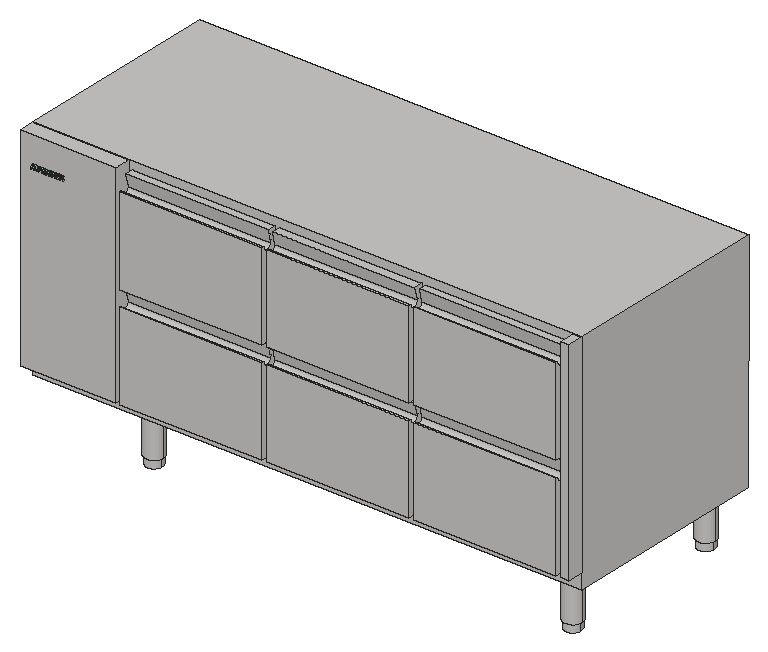
Revit family "QF_ALPENINOX_721070_AK3R7BBB", category Attrezzature speciali, Revit 2018
Family settings
  Quota connettore circolare = Usa diametro
  Tipo di parte = Normale
  Basato su piano di lavoro = No
  Sempre verticale = Sì
  Taglio con vuoti quando caricato = No
  Condiviso = No
  Punto di calcolo locali = No
Parameters (values of type "Standard")
  Weight = 116.00 kg
  Watts = 220 W
  Volts = 220 V
  URL Manufacturer = "http://www.alpeninox.com"
  URL = "http://www.alpeninox.com"
  Steam Supply Size = 0 mm
  Steam Supply Minimum Pressure = 0.0 Pa
  Steam Supply Maximum Pressure = 0.0 Pa
  Steam Consumption per Hour = 0
  Refrigeration Suction Line Size = 0 mm
  Refrigeration Liquid Line Size = 0 mm
  Refrigerant Compressor Remote = yes
  Produttore = "Alpeninox"
  Phase = 1
  Modello = "AK3R7BBB"
  Length Actual = 1695 mm  # constant formula
  Item Number = "721070"
  Hot Water Size = 0 mm
  Height Actual = 850 mm  # constant formula
  HP = "0.3 HP"
  Gas Size = 0 mm
  Gas KW = 0
  Gas Input Pressure = 0 W
  Direct Waste Size = 0 mm
  Descrizione = "6X1/2-DRAWER REFRIGERATED COUNTER, -2+10°C, FULL AISI 304 (R290), WITHOUT WORK TOP"
  Depth Actual = 700 mm  # constant formula
  Cycle = 50 Hz
  Condensate Return Size = 0 mm
  Compressed Air Volume = 0.0 L/s
  Compressed Air Size = 0 mm
  Compressed Air Pressure = 0.0 Pa
  Cold Water Size = 0 mm
  Accessory = yes
Values of the unnamed type that differ from the named types
  Weight = 0.00 kg
  Watts = 0 W
  Volts = 0 V
  URL Manufacturer = ""
  Item Number = ""
  HP = ""
  Cycle = 0 Hz
Reference planes
  plane 1: z = 0
  plane 2 "Center (Left/Right)": x = -126.5
  plane 3 "Center (Front/Back)": y = 64.5
  plane 4 "FEET": z = 150
  plane 5 "TOP": z = 900
  plane 6 "PLAIN": z = 850
  plane 7 "EI_back": y = 103
  plane 8 "EI_left": x = -913
  plane 9 "BACK": y = 412
  plane 10 "FRONT": y = -283
  plane 11 "DOOR": y = -233
  plane 12 "LEFT": x = -974
  plane 13 "RIGHT": x = 721
  plane 14: x = -949
  plane 15: x = 696
Forms (mm)
  Extrusion 1, solid, material "QF_Finishes_Stainless Steel"
    sketch origin (-1022.223, -1524, 150) x (-1, 0, 0) y (0, -1, 0)
      loop
        circle (-109.223, -1627) r 5
    from 0 to -40
  Extrusion 2, solid, material "QF_Finishes_Stainless Steel"
    sketch origin (-1022.223, -1524, 150) x (-1, 0, 0) y (0, -1, 0)
      loop
        line (-1718.223, -1291) -> (-1718.223, -1241) -> (-1743.223, -1241) -> (-1743.223, -1291) -> (-1718.223, -1291)
    from 48 to 700
  Extrusion 3, solid, material "QF_Finishes_Stainless Steel"
    sketch origin (-1022.223, -1524, 150) x (-1, 0, 0) y (0, -1, 0)
      loop
        line (-48.223, -1936) -> (-48.223, -1291) -> (-1743.223, -1291) -> (-1743.223, -1936) -> (-48.223, -1936)
    from 0 to 700
Lines and regions (mm)
  symbolic lines, style "SpecialityEquipmentHiddenLines"
    curve 1: line (-974, 412, 150) -> (721, 412, 150)
    curve 2: line (-974, -283, 150) -> (-974, 412, 150)
    curve 3: line (721, -283, 150) -> (-974, -283, 150)
    curve 4: line (721, 412, 150) -> (721, -283, 150)
    curve 5: line (-974, -233, 150) -> (721, -233, 150)
    curve 6: line (696, -283, 150) -> (696, -233, 150)
Dimensions and locks
  plane 4 "FEET" to level = 150 mm
  plane 11 "DOOR" to plane 10 "FRONT" = 50 mm
  plane 6 "PLAIN" to plane 4 "FEET" = 700 mm
  plane 5 "TOP" to plane 6 "PLAIN" = 50 mm
  plane 12 "LEFT" to plane 14 = 25 mm
  plane 15 to plane 13 "RIGHT" = 25 mm
  plane 9 "BACK" to plane 7 "EI_back" = 309 mm
  plane 12 "LEFT" to plane 8 "EI_left" = 61 mm
  plane 12 "LEFT" to plane 13 "RIGHT" = 1695 mm
  equal spacing: plane 12 "LEFT", plane 2 "Center (Left/Right)", plane 13 "RIGHT"
  plane 9 "BACK" to plane 10 "FRONT" = 695 mm
  equal spacing: plane 9 "BACK", plane 3 "Center (Front/Back)", plane 10 "FRONT"
  aligned and locked: level to plane 1
  aligned and locked: plane 13 "RIGHT" to Extrusion 2
  aligned and locked: Extrusion 2 to plane 15
Automatic sketch dimensions
  Extrusion 1 sketch curve to plane 7 "EI_back" = 0 mm
  Extrusion 1 sketch curve to plane 8 "EI_left" = 0 mm
  Extrusion 2 sketch curve to plane 11 "DOOR" = 0 mm
  Extrusion 2 sketch curve to plane 13 "RIGHT" = 0 mm
  Extrusion 2 sketch curve to plane 10 "FRONT" = 0 mm
  Extrusion 2 sketch curve to plane 15 = 0 mm
  Extrusion 3 sketch curve to plane 9 "BACK" = 0 mm
  Extrusion 3 sketch curve to plane 13 "RIGHT" = 0 mm
  Extrusion 3 sketch curve to plane 11 "DOOR" = 0 mm
  Extrusion 3 sketch curve to plane 12 "LEFT" = 0 mm
  curve 1 to plane 13 "RIGHT" = 0 mm
  curve 6 to plane 10 "FRONT" = 0 mm
  curve 6 to plane 15 = 0 mm
  curve 5 to plane 12 "LEFT" = 0 mm
  curve 6 to plane 11 "DOOR" = 0 mm
  curve 1 to plane 9 "BACK" = 0 mm
  radius of Extrusion 1 sketch curve = 5 mm
Nested families
  nested 1: "HPC_Refrigerator" at (721, -283, 0), type "HPC_Refrigerator"
  nested 2: "HPC_FEET" at (-640, 331, 0), type "HPC_FEET"
  nested 3: "HPC_FEET" at (655, 331, 0), type "HPC_FEET"
  nested 4: "HPC_FEET" at (-640, -183, 0), type "HPC_FEET"
  nested 5: "HPC_FEET" at (655, -183, 0), type "HPC_FEET"
  nested 6: "HPC_APX_BI_TN_L" at (-767.08, -233, 598) x (1, 0, 0) z (0, -1, 0), type "HPC_APX_BI_TN_L"
    with Show Logo yes
  nested 7: "HPC_APX_HALF" at (-446, -233, 512) x (1, 0, 0) z (0, -1, 0), type "HPC_APX_HALF"
    with Show Clearance yes
  nested 8: "HPC_APX_HALF" at (8, -233, 512) x (1, 0, 0) z (0, -1, 0), type "HPC_APX_HALF"
    with Show Clearance yes
  nested 9: "HPC_APX_HALF" at (462, -233, 512) x (1, 0, 0) z (0, -1, 0), type "HPC_APX_HALF"
    with Show Clearance yes
Connectors
  electrical at (-913, 103, 110), driven by "Volts"
    settings: on Extrusion 1, index 1, voltage 220 V, apparent load 0 VA, apparent load phase1 0 VA, apparent load phase2 0 VA, apparent load phase3 0 VA, power factor 1, load classification "Other", number of poles 1, system type 31, power factor state 1, is connector primary yes, connector utility no, sub classification motor no, connector description "Electrical Connection"
Definition of nested family "HPC_FEET"
  Parameters
    FEET = 150 mm
  Reference planes
    plane 1 "Center (Front/Back)": y = 0
    plane 2: z = 0
    plane 3 "Center (Left/Right)": x = 0
    plane 4: z = 150
  Forms (mm)
    Revolve 1, solid
      sketch origin (255.05, 0, 608.09) x (0, 0, 1) y (-1, 0, 0)
        loop
          line (-608.09, 255.05) -> (-608.09, 230.05) -> (-583.09, 230.05) -> (-583.09, 226.05) -> (-458.09, 226.05) -> (-458.09, 255.05) -> (-608.09, 255.05)
        axis (-608.09, 255.05) -> (-458.09, 255.05)
      angle from 0 to 360
  Dimensions and locks
    locked: Revolve 1 sketch curve to Revolve 1 sketch curve at 125
    "FEET": plane 4 to plane 2
    aligned and locked: level to plane 2
    aligned and locked: plane 4 to Revolve 1 sketch curve
    aligned and locked: Revolve 1 sketch curve to level
    aligned and locked: plane 3 "Center (Left/Right)" to Revolve 1 sketch curve
  Automatic sketch dimensions
    Revolve 1 sketch curve to plane 3 "Center (Left/Right)" = 0 mm
    Revolve 1 sketch curve to Revolve 1 sketch curve = 25 mm
    Revolve 1 sketch curve to Revolve 1 sketch curve = 29 mm
    plane 4 to Revolve 1 sketch curve = 50 mm
    Revolve 1 sketch curve to Revolve 1 sketch curve = 20 mm
Definition of nested family "HPC_APX_BI_TN_L"
  Parameters
    Show Logo [instance] = yes
    Default Elevation = 1219.2 mm
  Reference planes
    plane 1 "Center (Front/Back)": y = -74
    plane 2: z = 0
    plane 3 "Center (Left/Right)": x = -59.92
    plane 4: x = -206.92
    plane 5: x = 87.08
    plane 6: y = 252
    plane 7: y = -400
  Forms (mm)
    Extrusion 1, solid
      sketch origin (0, 0, 0) x (1, 0, 0) y (0, 1, 0)
        loop
          line (-1219.2, 1219.2) -> (-1219.2, -1219.2) -> (1219.2, -1219.2) -> (1219.2, 1219.2) -> (-1219.2, 1219.2)
      from 0 to -304.8
    Extrusion 2, solid
      sketch origin (0, 0, 0) x (1, 0, 0) y (0, 1, 0)
        loop
          line (-206.92, 252) -> (-206.92, -400) -> (87.08, -400) -> (87.08, 252) -> (-206.92, 252)
      from 0 to 50
    Extrusion 3, solid
      sketch origin (0, 0, 0) x (1, 0, 0) y (0, 1, 0)
        loop
          line (-168.675, 170.349) -> (-172.411, 160.318)
          arc (-172.411, 160.318) -> (-171.624, 158.497) -> (-169.837, 159.36) r 1.374
          line (-169.837, 159.36) -> (-169.268, 161.111) -> (-164.1, 161.111) -> (-163.54, 159.379)
          arc (-163.54, 159.379) -> (-161.802, 158.542) -> (-161.049, 160.318) r 1.333
          line (-161.049, 160.318) -> (-164.694, 170.349)
          arc (-164.694, 170.349) -> (-166.685, 171.876) -> (-168.675, 170.349) r 2.06
        loop
          line (-166.681, 169.055) -> (-168.469, 163.655) -> (-164.935, 163.655) -> (-166.681, 169.055)
        loop
          arc (-159.705, 160.042) -> (-159.262, 158.973) -> (-158.194, 158.531) r 1.512
          line (-158.194, 158.531) -> (-153.608, 158.531)
          arc (-153.608, 158.531) -> (-152.337, 159.802) -> (-153.608, 161.074) r 1.272
          line (-153.608, 161.074) -> (-156.917, 161.074) -> (-156.917, 170.328)
          arc (-156.917, 170.328) -> (-158.311, 171.722) -> (-159.705, 170.328) r 1.394
          line (-159.705, 170.328) -> (-159.705, 160.042)
        loop
          line (-151.076, 170.218) -> (-151.076, 159.859)
          arc (-151.076, 159.859) -> (-149.683, 158.466) -> (-148.29, 159.859) r 1.393
          line (-148.29, 159.859) -> (-148.29, 162.882) -> (-146.225, 162.882)
          arc (-146.225, 162.882) -> (-142.999, 163.859) -> (-141.608, 166.928) r 4.082
          arc (-141.608, 166.928) -> (-142.993, 170.272) -> (-146.336, 171.657) r 4.728
          line (-146.336, 171.657) -> (-149.638, 171.657)
          arc (-149.638, 171.657) -> (-150.655, 171.235) -> (-151.076, 170.218) r 1.439
        loop
          line (-148.29, 165.313) -> (-146.388, 165.313)
          arc (-146.388, 165.313) -> (-144.433, 167.268) -> (-146.388, 169.222) r 1.955
          line (-146.388, 169.222) -> (-148.29, 169.222) -> (-148.29, 165.313)
        loop
          arc (-131.184, 166.332) -> (-132.004, 168.2) -> (-133.767, 169.228) r 3.3
          arc (-133.767, 169.228) -> (-136.353, 168.661) -> (-137.611, 166.332) r 3.176
          line (-137.611, 166.332) -> (-131.184, 166.332)
        loop
          line (-137.538, 163.743) -> (-130.544, 163.743)
          arc (-130.544, 163.743) -> (-129.292, 163.916) -> (-128.301, 164.701) r 2.4
          arc (-128.301, 164.701) -> (-128.155, 165.545) -> (-128.212, 166.399) r 3.635
          arc (-128.212, 166.399) -> (-130.364, 170.162) -> (-134.39, 171.769) r 6.579
          arc (-134.39, 171.769) -> (-138.918, 169.706) -> (-140.661, 165.044) r 6.501
          arc (-140.661, 165.044) -> (-139.276, 160.789) -> (-135.401, 158.549) r 6.252
          arc (-135.401, 158.549) -> (-132.922, 158.526) -> (-130.544, 159.232) r 8.361
          arc (-130.544, 159.232) -> (-129.466, 159.781) -> (-128.641, 160.666) r 3.486
          arc (-128.641, 160.666) -> (-128.419, 161.592) -> (-128.828, 162.451) r 1.425
          arc (-128.828, 162.451) -> (-129.368, 162.762) -> (-129.99, 162.762) r 1.203
          arc (-129.99, 162.762) -> (-130.406, 162.59) -> (-130.764, 162.316) r 1.724
          arc (-130.764, 162.316) -> (-131.666, 161.705) -> (-132.646, 161.229) r 7.6
          arc (-132.646, 161.229) -> (-135.676, 161.35) -> (-137.538, 163.743) r 3.6
        loop
          line (-126.669, 170.328) -> (-126.669, 159.859)
          arc (-126.669, 159.859) -> (-125.273, 158.463) -> (-123.878, 159.859) r 1.396
          line (-123.878, 159.859) -> (-123.878, 166.785) -> (-117.946, 159.029)
          arc (-117.946, 159.029) -> (-116.361, 158.51) -> (-115.379, 159.859) r 1.417
          line (-115.379, 159.859) -> (-115.379, 170.328)
          arc (-115.379, 170.328) -> (-116.774, 171.723) -> (-118.169, 170.328) r 1.395
          line (-118.169, 170.328) -> (-118.169, 163.311) -> (-124.101, 171.157)
          arc (-124.101, 171.157) -> (-125.687, 171.678) -> (-126.669, 170.328) r 1.418
        loop
          arc (-113.636, 159.859) -> (-112.241, 158.464) -> (-110.847, 159.859) r 1.394
          line (-110.847, 159.859) -> (-110.847, 170.328)
          arc (-110.847, 170.328) -> (-112.241, 171.723) -> (-113.636, 170.328) r 1.394
          line (-113.636, 170.328) -> (-113.636, 159.859)
        loop
          line (-109.102, 170.328) -> (-109.102, 159.859)
          arc (-109.102, 159.859) -> (-107.706, 158.463) -> (-106.31, 159.859) r 1.396
          line (-106.31, 159.859) -> (-106.31, 166.785) -> (-100.378, 159.029)
          arc (-100.378, 159.029) -> (-98.793, 158.51) -> (-97.812, 159.859) r 1.417
          line (-97.812, 159.859) -> (-97.812, 170.328)
          arc (-97.812, 170.328) -> (-99.207, 171.723) -> (-100.602, 170.328) r 1.395
          line (-100.602, 170.328) -> (-100.602, 163.311) -> (-106.533, 171.157)
          arc (-106.533, 171.157) -> (-108.119, 171.678) -> (-109.102, 170.328) r 1.418
        loop
          arc (-96.345, 165.093) -> (-95.619, 161.877) -> (-93.467, 159.379) r 6.806
          arc (-93.467, 159.379) -> (-91.792, 158.566) -> (-89.948, 158.31) r 5.956
          arc (-89.948, 158.31) -> (-88.104, 158.566) -> (-86.43, 159.379) r 5.956
          arc (-86.43, 159.379) -> (-84.277, 161.877) -> (-83.551, 165.093) r 6.806
          arc (-83.551, 165.093) -> (-84.277, 168.31) -> (-86.43, 170.808) r 6.806
          arc (-86.43, 170.808) -> (-88.104, 171.621) -> (-89.948, 171.877) r 5.956
          arc (-89.948, 171.877) -> (-91.792, 171.621) -> (-93.467, 170.808) r 5.956
          arc (-93.467, 170.808) -> (-95.619, 168.31) -> (-96.345, 165.093) r 6.806
        loop
          arc (-93.425, 165.093) -> (-93.138, 163.212) -> (-92.081, 161.629) r 4.387
          arc (-92.081, 161.629) -> (-91.087, 161.049) -> (-89.948, 160.881) r 3.035
          arc (-89.948, 160.881) -> (-88.809, 161.049) -> (-87.815, 161.629) r 3.035
          arc (-87.815, 161.629) -> (-86.759, 163.212) -> (-86.472, 165.093) r 4.387
          arc (-86.472, 165.093) -> (-86.759, 166.975) -> (-87.815, 168.558) r 4.387
          arc (-87.815, 168.558) -> (-88.809, 169.138) -> (-89.948, 169.306) r 3.035
          arc (-89.948, 169.306) -> (-91.087, 169.138) -> (-92.081, 168.558) r 3.035
          arc (-92.081, 168.558) -> (-93.138, 166.975) -> (-93.425, 165.093) r 4.387
        loop
          line (-83.139, 169.609) -> (-80.126, 165.552) -> (-83.81, 160.652)
          arc (-83.81, 160.652) -> (-83.512, 158.692) -> (-81.559, 159.029) r 1.388
          line (-81.559, 159.029) -> (-78.51, 163.232) -> (-75.461, 159.029)
          arc (-75.461, 159.029) -> (-73.507, 158.692) -> (-73.21, 160.652) r 1.388
          line (-73.21, 160.652) -> (-76.894, 165.552) -> (-73.881, 169.609)
          arc (-73.881, 169.609) -> (-74.249, 171.597) -> (-76.205, 171.084) r 1.38
          line (-76.205, 171.084) -> (-78.51, 167.841) -> (-80.815, 171.084)
          arc (-80.815, 171.084) -> (-82.771, 171.597) -> (-83.139, 169.609) r 1.38
      from 50 to 51.6
  Lines and regions (mm)
    Split face 1
      outline origin (0, 0, 50) x (1, 0, 0) y (0, 1, 0)
        loop
          line (87.08, 183) -> (-172.92, 183)
          arc (-172.92, 183) -> (-190.42, 165.5) -> (-172.92, 148) r 17.5
          line (-172.92, 148) -> (87.08, 148)
    Split face 2
      outline origin (-38, 0, 50) x (1, 0, 0) y (0, 1, 0)
        loop
          line (-5.42, 177) -> (-5.42, 154) -> (64.58, 154) -> (64.58, 177) -> (-5.42, 177)
    Split face 3
      outline origin (-38, 0, 50) x (1, 0, 0) y (0, 1, 0)
        loop
          line (44.58, 174) -> (44.58, 157) -> (61.58, 157) -> (61.58, 174) -> (44.58, 174)
    Split face 4
      outline origin (0, 0, 50) x (1, 0, 0) y (0, 1, 0)
        loop
          line (-206.92, 188) -> (87.08, 188)
    Split face 5
      outline origin (0, 0, 50) x (1, 0, 0) y (0, 1, 0)
        loop
          arc (-163.464, 131.824) -> (-167.464, 127.824) -> (-163.464, 123.824) r 4
          line (-163.464, 123.824) -> (-121.464, 123.824)
          arc (-121.464, 123.824) -> (-117.464, 127.824) -> (-121.464, 131.824) r 4
          line (-121.464, 131.824) -> (-163.464, 131.824)
    Split face 6
      outline origin (330, 0, 50) x (1, 0, 0) y (0, 1, 0)
        loop
          arc (-328.464, 131.824) -> (-332.464, 127.824) -> (-328.464, 123.824) r 4
          line (-328.464, 123.824) -> (-286.464, 123.824)
          arc (-286.464, 123.824) -> (-282.464, 127.824) -> (-286.464, 131.824) r 4
          line (-286.464, 131.824) -> (-328.464, 131.824)
    Split face 7
      outline origin (110, 0, 50) x (1, 0, 0) y (0, 1, 0)
        loop
          arc (-218.464, 131.824) -> (-222.464, 127.824) -> (-218.464, 123.824) r 4
          line (-218.464, 123.824) -> (-176.464, 123.824)
          arc (-176.464, 123.824) -> (-172.464, 127.824) -> (-176.464, 131.824) r 4
          line (-176.464, 131.824) -> (-218.464, 131.824)
    Split face 8
      outline origin (220, 0, 50) x (1, 0, 0) y (0, 1, 0)
        loop
          arc (-273.464, 131.824) -> (-277.464, 127.824) -> (-273.464, 123.824) r 4
          line (-273.464, 123.824) -> (-231.464, 123.824)
          arc (-231.464, 123.824) -> (-227.464, 127.824) -> (-231.464, 131.824) r 4
          line (-231.464, 131.824) -> (-273.464, 131.824)
    Split face 9
      outline origin (0, -24, 50) x (1, 0, 0) y (0, 1, 0)
        loop
          arc (-163.464, 143.824) -> (-167.464, 139.824) -> (-163.464, 135.824) r 4
          line (-163.464, 135.824) -> (-121.464, 135.824)
          arc (-121.464, 135.824) -> (-117.464, 139.824) -> (-121.464, 143.824) r 4
          line (-121.464, 143.824) -> (-163.464, 143.824)
    Split face 10
      outline origin (330, -24, 50) x (1, 0, 0) y (0, 1, 0)
        loop
          arc (-328.464, 143.824) -> (-332.464, 139.824) -> (-328.464, 135.824) r 4
          line (-328.464, 135.824) -> (-286.464, 135.824)
          arc (-286.464, 135.824) -> (-282.464, 139.824) -> (-286.464, 143.824) r 4
          line (-286.464, 143.824) -> (-328.464, 143.824)
    Split face 11
      outline origin (110, -24, 50) x (1, 0, 0) y (0, 1, 0)
        loop
          arc (-218.464, 143.824) -> (-222.464, 139.824) -> (-218.464, 135.824) r 4
          line (-218.464, 135.824) -> (-176.464, 135.824)
          arc (-176.464, 135.824) -> (-172.464, 139.824) -> (-176.464, 143.824) r 4
          line (-176.464, 143.824) -> (-218.464, 143.824)
    Split face 12
      outline origin (220, -24, 50) x (1, 0, 0) y (0, 1, 0)
        loop
          arc (-273.464, 143.824) -> (-277.464, 139.824) -> (-273.464, 135.824) r 4
          line (-273.464, 135.824) -> (-231.464, 135.824)
          arc (-231.464, 135.824) -> (-227.464, 139.824) -> (-231.464, 143.824) r 4
          line (-231.464, 143.824) -> (-273.464, 143.824)
    Split face 13
      outline origin (0, -48, 50) x (1, 0, 0) y (0, 1, 0)
        loop
          arc (-163.464, 155.824) -> (-167.464, 151.824) -> (-163.464, 147.824) r 4
          line (-163.464, 147.824) -> (-121.464, 147.824)
          arc (-121.464, 147.824) -> (-117.464, 151.824) -> (-121.464, 155.824) r 4
          line (-121.464, 155.824) -> (-163.464, 155.824)
    Split face 14
      outline origin (330, -48, 50) x (1, 0, 0) y (0, 1, 0)
        loop
          arc (-328.464, 155.824) -> (-332.464, 151.824) -> (-328.464, 147.824) r 4
          line (-328.464, 147.824) -> (-286.464, 147.824)
          arc (-286.464, 147.824) -> (-282.464, 151.824) -> (-286.464, 155.824) r 4
          line (-286.464, 155.824) -> (-328.464, 155.824)
    Split face 15
      outline origin (110, -48, 50) x (1, 0, 0) y (0, 1, 0)
        loop
          arc (-218.464, 155.824) -> (-222.464, 151.824) -> (-218.464, 147.824) r 4
          line (-218.464, 147.824) -> (-176.464, 147.824)
          arc (-176.464, 147.824) -> (-172.464, 151.824) -> (-176.464, 155.824) r 4
          line (-176.464, 155.824) -> (-218.464, 155.824)
    Split face 16
      outline origin (220, -48, 50) x (1, 0, 0) y (0, 1, 0)
        loop
          arc (-273.464, 155.824) -> (-277.464, 151.824) -> (-273.464, 147.824) r 4
          line (-273.464, 147.824) -> (-231.464, 147.824)
          arc (-231.464, 147.824) -> (-227.464, 151.824) -> (-231.464, 155.824) r 4
          line (-231.464, 155.824) -> (-273.464, 155.824)
    Split face 17
      outline origin (0, -72, 50) x (1, 0, 0) y (0, 1, 0)
        loop
          arc (-163.464, 167.824) -> (-167.464, 163.824) -> (-163.464, 159.824) r 4
          line (-163.464, 159.824) -> (-121.464, 159.824)
          arc (-121.464, 159.824) -> (-117.464, 163.824) -> (-121.464, 167.824) r 4
          line (-121.464, 167.824) -> (-163.464, 167.824)
    Split face 18
      outline origin (330, -72, 50) x (1, 0, 0) y (0, 1, 0)
        loop
          arc (-328.464, 167.824) -> (-332.464, 163.824) -> (-328.464, 159.824) r 4
          line (-328.464, 159.824) -> (-286.464, 159.824)
          arc (-286.464, 159.824) -> (-282.464, 163.824) -> (-286.464, 167.824) r 4
          line (-286.464, 167.824) -> (-328.464, 167.824)
    Split face 19
      outline origin (110, -72, 50) x (1, 0, 0) y (0, 1, 0)
        loop
          arc (-218.464, 167.824) -> (-222.464, 163.824) -> (-218.464, 159.824) r 4
          line (-218.464, 159.824) -> (-176.464, 159.824)
          arc (-176.464, 159.824) -> (-172.464, 163.824) -> (-176.464, 167.824) r 4
          line (-176.464, 167.824) -> (-218.464, 167.824)
    Split face 20
      outline origin (220, -72, 50) x (1, 0, 0) y (0, 1, 0)
        loop
          arc (-273.464, 167.824) -> (-277.464, 163.824) -> (-273.464, 159.824) r 4
          line (-273.464, 159.824) -> (-231.464, 159.824)
          arc (-231.464, 159.824) -> (-227.464, 163.824) -> (-231.464, 167.824) r 4
          line (-231.464, 167.824) -> (-273.464, 167.824)
    Split face 21
      outline origin (0, -96, 50) x (1, 0, 0) y (0, 1, 0)
        loop
          arc (-163.464, 179.824) -> (-167.464, 175.824) -> (-163.464, 171.824) r 4
          line (-163.464, 171.824) -> (-121.464, 171.824)
          arc (-121.464, 171.824) -> (-117.464, 175.824) -> (-121.464, 179.824) r 4
          line (-121.464, 179.824) -> (-163.464, 179.824)
    Split face 22
      outline origin (330, -96, 50) x (1, 0, 0) y (0, 1, 0)
        loop
          arc (-328.464, 179.824) -> (-332.464, 175.824) -> (-328.464, 171.824) r 4
          line (-328.464, 171.824) -> (-286.464, 171.824)
          arc (-286.464, 171.824) -> (-282.464, 175.824) -> (-286.464, 179.824) r 4
          line (-286.464, 179.824) -> (-328.464, 179.824)
    Split face 23
      outline origin (110, -96, 50) x (1, 0, 0) y (0, 1, 0)
        loop
          arc (-218.464, 179.824) -> (-222.464, 175.824) -> (-218.464, 171.824) r 4
          line (-218.464, 171.824) -> (-176.464, 171.824)
          arc (-176.464, 171.824) -> (-172.464, 175.824) -> (-176.464, 179.824) r 4
          line (-176.464, 179.824) -> (-218.464, 179.824)
    Split face 24
      outline origin (220, -96, 50) x (1, 0, 0) y (0, 1, 0)
        loop
          arc (-273.464, 179.824) -> (-277.464, 175.824) -> (-273.464, 171.824) r 4
          line (-273.464, 171.824) -> (-231.464, 171.824)
          arc (-231.464, 171.824) -> (-227.464, 175.824) -> (-231.464, 179.824) r 4
          line (-231.464, 179.824) -> (-273.464, 179.824)
    Split face 25
      outline origin (0, -120, 50) x (1, 0, 0) y (0, 1, 0)
        loop
          arc (-163.464, 191.824) -> (-167.464, 187.824) -> (-163.464, 183.824) r 4
          line (-163.464, 183.824) -> (-121.464, 183.824)
          arc (-121.464, 183.824) -> (-117.464, 187.824) -> (-121.464, 191.824) r 4
          line (-121.464, 191.824) -> (-163.464, 191.824)
    Split face 26
      outline origin (330, -120, 50) x (1, 0, 0) y (0, 1, 0)
        loop
          arc (-328.464, 191.824) -> (-332.464, 187.824) -> (-328.464, 183.824) r 4
          line (-328.464, 183.824) -> (-286.464, 183.824)
          arc (-286.464, 183.824) -> (-282.464, 187.824) -> (-286.464, 191.824) r 4
          line (-286.464, 191.824) -> (-328.464, 191.824)
    Split face 27
      outline origin (110, -120, 50) x (1, 0, 0) y (0, 1, 0)
        loop
          arc (-218.464, 191.824) -> (-222.464, 187.824) -> (-218.464, 183.824) r 4
          line (-218.464, 183.824) -> (-176.464, 183.824)
          arc (-176.464, 183.824) -> (-172.464, 187.824) -> (-176.464, 191.824) r 4
          line (-176.464, 191.824) -> (-218.464, 191.824)
    Split face 28
      outline origin (220, -120, 50) x (1, 0, 0) y (0, 1, 0)
        loop
          arc (-273.464, 191.824) -> (-277.464, 187.824) -> (-273.464, 183.824) r 4
          line (-273.464, 183.824) -> (-231.464, 183.824)
          arc (-231.464, 183.824) -> (-227.464, 187.824) -> (-231.464, 191.824) r 4
          line (-231.464, 191.824) -> (-273.464, 191.824)
    Split face 29
      outline origin (0, -144, 50) x (1, 0, 0) y (0, 1, 0)
        loop
          arc (-163.464, 203.824) -> (-167.464, 199.824) -> (-163.464, 195.824) r 4
          line (-163.464, 195.824) -> (-121.464, 195.824)
          arc (-121.464, 195.824) -> (-117.464, 199.824) -> (-121.464, 203.824) r 4
          line (-121.464, 203.824) -> (-163.464, 203.824)
    Split face 30
      outline origin (330, -144, 50) x (1, 0, 0) y (0, 1, 0)
        loop
          arc (-328.464, 203.824) -> (-332.464, 199.824) -> (-328.464, 195.824) r 4
          line (-328.464, 195.824) -> (-286.464, 195.824)
          arc (-286.464, 195.824) -> (-282.464, 199.824) -> (-286.464, 203.824) r 4
          line (-286.464, 203.824) -> (-328.464, 203.824)
    Split face 31
      outline origin (110, -144, 50) x (1, 0, 0) y (0, 1, 0)
        loop
          arc (-218.464, 203.824) -> (-222.464, 199.824) -> (-218.464, 195.824) r 4
          line (-218.464, 195.824) -> (-176.464, 195.824)
          arc (-176.464, 195.824) -> (-172.464, 199.824) -> (-176.464, 203.824) r 4
          line (-176.464, 203.824) -> (-218.464, 203.824)
    Split face 32
      outline origin (220, -144, 50) x (1, 0, 0) y (0, 1, 0)
        loop
          arc (-273.464, 203.824) -> (-277.464, 199.824) -> (-273.464, 195.824) r 4
          line (-273.464, 195.824) -> (-231.464, 195.824)
          arc (-231.464, 195.824) -> (-227.464, 199.824) -> (-231.464, 203.824) r 4
          line (-231.464, 203.824) -> (-273.464, 203.824)
    Split face 33
      outline origin (0, -168, 50) x (1, 0, 0) y (0, 1, 0)
        loop
          arc (-163.464, 215.824) -> (-167.464, 211.824) -> (-163.464, 207.824) r 4
          line (-163.464, 207.824) -> (-121.464, 207.824)
          arc (-121.464, 207.824) -> (-117.464, 211.824) -> (-121.464, 215.824) r 4
          line (-121.464, 215.824) -> (-163.464, 215.824)
    Split face 34
      outline origin (330, -168, 50) x (1, 0, 0) y (0, 1, 0)
        loop
          arc (-328.464, 215.824) -> (-332.464, 211.824) -> (-328.464, 207.824) r 4
          line (-328.464, 207.824) -> (-286.464, 207.824)
          arc (-286.464, 207.824) -> (-282.464, 211.824) -> (-286.464, 215.824) r 4
          line (-286.464, 215.824) -> (-328.464, 215.824)
    Split face 35
      outline origin (110, -168, 50) x (1, 0, 0) y (0, 1, 0)
        loop
          arc (-218.464, 215.824) -> (-222.464, 211.824) -> (-218.464, 207.824) r 4
          line (-218.464, 207.824) -> (-176.464, 207.824)
          arc (-176.464, 207.824) -> (-172.464, 211.824) -> (-176.464, 215.824) r 4
          line (-176.464, 215.824) -> (-218.464, 215.824)
    Split face 36
      outline origin (220, -168, 50) x (1, 0, 0) y (0, 1, 0)
        loop
          arc (-273.464, 215.824) -> (-277.464, 211.824) -> (-273.464, 207.824) r 4
          line (-273.464, 207.824) -> (-231.464, 207.824)
          arc (-231.464, 207.824) -> (-227.464, 211.824) -> (-231.464, 215.824) r 4
          line (-231.464, 215.824) -> (-273.464, 215.824)
    Split face 37
      outline origin (0, -192, 50) x (1, 0, 0) y (0, 1, 0)
        loop
          arc (-163.464, 227.824) -> (-167.464, 223.824) -> (-163.464, 219.824) r 4
          line (-163.464, 219.824) -> (-121.464, 219.824)
          arc (-121.464, 219.824) -> (-117.464, 223.824) -> (-121.464, 227.824) r 4
          line (-121.464, 227.824) -> (-163.464, 227.824)
    Split face 38
      outline origin (330, -192, 50) x (1, 0, 0) y (0, 1, 0)
        loop
          arc (-328.464, 227.824) -> (-332.464, 223.824) -> (-328.464, 219.824) r 4
          line (-328.464, 219.824) -> (-286.464, 219.824)
          arc (-286.464, 219.824) -> (-282.464, 223.824) -> (-286.464, 227.824) r 4
          line (-286.464, 227.824) -> (-328.464, 227.824)
    Split face 39
      outline origin (110, -192, 50) x (1, 0, 0) y (0, 1, 0)
        loop
          arc (-218.464, 227.824) -> (-222.464, 223.824) -> (-218.464, 219.824) r 4
          line (-218.464, 219.824) -> (-176.464, 219.824)
          arc (-176.464, 219.824) -> (-172.464, 223.824) -> (-176.464, 227.824) r 4
          line (-176.464, 227.824) -> (-218.464, 227.824)
    Split face 40
      outline origin (220, -192, 50) x (1, 0, 0) y (0, 1, 0)
        loop
          arc (-273.464, 227.824) -> (-277.464, 223.824) -> (-273.464, 219.824) r 4
          line (-273.464, 219.824) -> (-231.464, 219.824)
          arc (-231.464, 219.824) -> (-227.464, 223.824) -> (-231.464, 227.824) r 4
          line (-231.464, 227.824) -> (-273.464, 227.824)
    Split face 41
      outline origin (0, -216, 50) x (1, 0, 0) y (0, 1, 0)
        loop
          arc (-163.464, 239.824) -> (-167.464, 235.824) -> (-163.464, 231.824) r 4
          line (-163.464, 231.824) -> (-121.464, 231.824)
          arc (-121.464, 231.824) -> (-117.464, 235.824) -> (-121.464, 239.824) r 4
          line (-121.464, 239.824) -> (-163.464, 239.824)
    Split face 42
      outline origin (330, -216, 50) x (1, 0, 0) y (0, 1, 0)
        loop
          arc (-328.464, 239.824) -> (-332.464, 235.824) -> (-328.464, 231.824) r 4
          line (-328.464, 231.824) -> (-286.464, 231.824)
          arc (-286.464, 231.824) -> (-282.464, 235.824) -> (-286.464, 239.824) r 4
          line (-286.464, 239.824) -> (-328.464, 239.824)
    Split face 43
      outline origin (110, -216, 50) x (1, 0, 0) y (0, 1, 0)
        loop
          arc (-218.464, 239.824) -> (-222.464, 235.824) -> (-218.464, 231.824) r 4
          line (-218.464, 231.824) -> (-176.464, 231.824)
          arc (-176.464, 231.824) -> (-172.464, 235.824) -> (-176.464, 239.824) r 4
          line (-176.464, 239.824) -> (-218.464, 239.824)
    Split face 44
      outline origin (220, -216, 50) x (1, 0, 0) y (0, 1, 0)
        loop
          arc (-273.464, 239.824) -> (-277.464, 235.824) -> (-273.464, 231.824) r 4
          line (-273.464, 231.824) -> (-231.464, 231.824)
          arc (-231.464, 231.824) -> (-227.464, 235.824) -> (-231.464, 239.824) r 4
          line (-231.464, 239.824) -> (-273.464, 239.824)
    Split face 45
      outline origin (0, -240, 50) x (1, 0, 0) y (0, 1, 0)
        loop
          arc (-163.464, 251.824) -> (-167.464, 247.824) -> (-163.464, 243.824) r 4
          line (-163.464, 243.824) -> (-121.464, 243.824)
          arc (-121.464, 243.824) -> (-117.464, 247.824) -> (-121.464, 251.824) r 4
          line (-121.464, 251.824) -> (-163.464, 251.824)
    Split face 46
      outline origin (330, -240, 50) x (1, 0, 0) y (0, 1, 0)
        loop
          arc (-328.464, 251.824) -> (-332.464, 247.824) -> (-328.464, 243.824) r 4
          line (-328.464, 243.824) -> (-286.464, 243.824)
          arc (-286.464, 243.824) -> (-282.464, 247.824) -> (-286.464, 251.824) r 4
          line (-286.464, 251.824) -> (-328.464, 251.824)
    Split face 47
      outline origin (110, -240, 50) x (1, 0, 0) y (0, 1, 0)
        loop
          arc (-218.464, 251.824) -> (-222.464, 247.824) -> (-218.464, 243.824) r 4
          line (-218.464, 243.824) -> (-176.464, 243.824)
          arc (-176.464, 243.824) -> (-172.464, 247.824) -> (-176.464, 251.824) r 4
          line (-176.464, 251.824) -> (-218.464, 251.824)
    Split face 48
      outline origin (220, -240, 50) x (1, 0, 0) y (0, 1, 0)
        loop
          arc (-273.464, 251.824) -> (-277.464, 247.824) -> (-273.464, 243.824) r 4
          line (-273.464, 243.824) -> (-231.464, 243.824)
          arc (-231.464, 243.824) -> (-227.464, 247.824) -> (-231.464, 251.824) r 4
          line (-231.464, 251.824) -> (-273.464, 251.824)
    Split face 49
      outline origin (0, -264, 50) x (1, 0, 0) y (0, 1, 0)
        loop
          arc (-163.464, 263.824) -> (-167.464, 259.824) -> (-163.464, 255.824) r 4
          line (-163.464, 255.824) -> (-121.464, 255.824)
          arc (-121.464, 255.824) -> (-117.464, 259.824) -> (-121.464, 263.824) r 4
          line (-121.464, 263.824) -> (-163.464, 263.824)
    Split face 50
      outline origin (330, -264, 50) x (1, 0, 0) y (0, 1, 0)
        loop
          arc (-328.464, 263.824) -> (-332.464, 259.824) -> (-328.464, 255.824) r 4
          line (-328.464, 255.824) -> (-286.464, 255.824)
          arc (-286.464, 255.824) -> (-282.464, 259.824) -> (-286.464, 263.824) r 4
          line (-286.464, 263.824) -> (-328.464, 263.824)
    Split face 51
      outline origin (110, -264, 50) x (1, 0, 0) y (0, 1, 0)
        loop
          arc (-218.464, 263.824) -> (-222.464, 259.824) -> (-218.464, 255.824) r 4
          line (-218.464, 255.824) -> (-176.464, 255.824)
          arc (-176.464, 255.824) -> (-172.464, 259.824) -> (-176.464, 263.824) r 4
          line (-176.464, 263.824) -> (-218.464, 263.824)
    Split face 52
      outline origin (220, -264, 50) x (1, 0, 0) y (0, 1, 0)
        loop
          arc (-273.464, 263.824) -> (-277.464, 259.824) -> (-273.464, 255.824) r 4
          line (-273.464, 255.824) -> (-231.464, 255.824)
          arc (-231.464, 255.824) -> (-227.464, 259.824) -> (-231.464, 263.824) r 4
          line (-231.464, 263.824) -> (-273.464, 263.824)
    Split face 53
      outline origin (0, -288, 50) x (1, 0, 0) y (0, 1, 0)
        loop
          arc (-163.464, 275.824) -> (-167.464, 271.824) -> (-163.464, 267.824) r 4
          line (-163.464, 267.824) -> (-121.464, 267.824)
          arc (-121.464, 267.824) -> (-117.464, 271.824) -> (-121.464, 275.824) r 4
          line (-121.464, 275.824) -> (-163.464, 275.824)
    Split face 54
      outline origin (330, -288, 50) x (1, 0, 0) y (0, 1, 0)
        loop
          arc (-328.464, 275.824) -> (-332.464, 271.824) -> (-328.464, 267.824) r 4
          line (-328.464, 267.824) -> (-286.464, 267.824)
          arc (-286.464, 267.824) -> (-282.464, 271.824) -> (-286.464, 275.824) r 4
          line (-286.464, 275.824) -> (-328.464, 275.824)
    Split face 55
      outline origin (110, -288, 50) x (1, 0, 0) y (0, 1, 0)
        loop
          arc (-218.464, 275.824) -> (-222.464, 271.824) -> (-218.464, 267.824) r 4
          line (-218.464, 267.824) -> (-176.464, 267.824)
          arc (-176.464, 267.824) -> (-172.464, 271.824) -> (-176.464, 275.824) r 4
          line (-176.464, 275.824) -> (-218.464, 275.824)
    Split face 56
      outline origin (220, -288, 50) x (1, 0, 0) y (0, 1, 0)
        loop
          arc (-273.464, 275.824) -> (-277.464, 271.824) -> (-273.464, 267.824) r 4
          line (-273.464, 267.824) -> (-231.464, 267.824)
          arc (-231.464, 267.824) -> (-227.464, 271.824) -> (-231.464, 275.824) r 4
          line (-231.464, 275.824) -> (-273.464, 275.824)
    Split face 57
      outline origin (0, -312, 50) x (1, 0, 0) y (0, 1, 0)
        loop
          arc (-163.464, 287.824) -> (-167.464, 283.824) -> (-163.464, 279.824) r 4
          line (-163.464, 279.824) -> (-121.464, 279.824)
          arc (-121.464, 279.824) -> (-117.464, 283.824) -> (-121.464, 287.824) r 4
          line (-121.464, 287.824) -> (-163.464, 287.824)
    Split face 58
      outline origin (330, -312, 50) x (1, 0, 0) y (0, 1, 0)
        loop
          arc (-328.464, 287.824) -> (-332.464, 283.824) -> (-328.464, 279.824) r 4
          line (-328.464, 279.824) -> (-286.464, 279.824)
          arc (-286.464, 279.824) -> (-282.464, 283.824) -> (-286.464, 287.824) r 4
          line (-286.464, 287.824) -> (-328.464, 287.824)
    Split face 59
      outline origin (110, -312, 50) x (1, 0, 0) y (0, 1, 0)
        loop
          arc (-218.464, 287.824) -> (-222.464, 283.824) -> (-218.464, 279.824) r 4
          line (-218.464, 279.824) -> (-176.464, 279.824)
          arc (-176.464, 279.824) -> (-172.464, 283.824) -> (-176.464, 287.824) r 4
          line (-176.464, 287.824) -> (-218.464, 287.824)
    Split face 60
      outline origin (220, -312, 50) x (1, 0, 0) y (0, 1, 0)
        loop
          arc (-273.464, 287.824) -> (-277.464, 283.824) -> (-273.464, 279.824) r 4
          line (-273.464, 279.824) -> (-231.464, 279.824)
          arc (-231.464, 279.824) -> (-227.464, 283.824) -> (-231.464, 287.824) r 4
          line (-231.464, 287.824) -> (-273.464, 287.824)
    Split face 61
      outline origin (0, -336, 50) x (1, 0, 0) y (0, 1, 0)
        loop
          arc (-163.464, 299.824) -> (-167.464, 295.824) -> (-163.464, 291.824) r 4
          line (-163.464, 291.824) -> (-121.464, 291.824)
          arc (-121.464, 291.824) -> (-117.464, 295.824) -> (-121.464, 299.824) r 4
          line (-121.464, 299.824) -> (-163.464, 299.824)
    Split face 62
      outline origin (330, -336, 50) x (1, 0, 0) y (0, 1, 0)
        loop
          arc (-328.464, 299.824) -> (-332.464, 295.824) -> (-328.464, 291.824) r 4
          line (-328.464, 291.824) -> (-286.464, 291.824)
          arc (-286.464, 291.824) -> (-282.464, 295.824) -> (-286.464, 299.824) r 4
          line (-286.464, 299.824) -> (-328.464, 299.824)
    Split face 63
      outline origin (110, -336, 50) x (1, 0, 0) y (0, 1, 0)
        loop
          arc (-218.464, 299.824) -> (-222.464, 295.824) -> (-218.464, 291.824) r 4
          line (-218.464, 291.824) -> (-176.464, 291.824)
          arc (-176.464, 291.824) -> (-172.464, 295.824) -> (-176.464, 299.824) r 4
          line (-176.464, 299.824) -> (-218.464, 299.824)
    Split face 64
      outline origin (220, -336, 50) x (1, 0, 0) y (0, 1, 0)
        loop
          arc (-273.464, 299.824) -> (-277.464, 295.824) -> (-273.464, 291.824) r 4
          line (-273.464, 291.824) -> (-231.464, 291.824)
          arc (-231.464, 291.824) -> (-227.464, 295.824) -> (-231.464, 299.824) r 4
          line (-231.464, 299.824) -> (-273.464, 299.824)
    Split face 65
      outline origin (0, -360, 50) x (1, 0, 0) y (0, 1, 0)
        loop
          arc (-163.464, 311.824) -> (-167.464, 307.824) -> (-163.464, 303.824) r 4
          line (-163.464, 303.824) -> (-121.464, 303.824)
          arc (-121.464, 303.824) -> (-117.464, 307.824) -> (-121.464, 311.824) r 4
          line (-121.464, 311.824) -> (-163.464, 311.824)
    Split face 66
      outline origin (330, -360, 50) x (1, 0, 0) y (0, 1, 0)
        loop
          arc (-328.464, 311.824) -> (-332.464, 307.824) -> (-328.464, 303.824) r 4
          line (-328.464, 303.824) -> (-286.464, 303.824)
          arc (-286.464, 303.824) -> (-282.464, 307.824) -> (-286.464, 311.824) r 4
          line (-286.464, 311.824) -> (-328.464, 311.824)
    Split face 67
      outline origin (110, -360, 50) x (1, 0, 0) y (0, 1, 0)
        loop
          arc (-218.464, 311.824) -> (-222.464, 307.824) -> (-218.464, 303.824) r 4
          line (-218.464, 303.824) -> (-176.464, 303.824)
          arc (-176.464, 303.824) -> (-172.464, 307.824) -> (-176.464, 311.824) r 4
          line (-176.464, 311.824) -> (-218.464, 311.824)
    Split face 68
      outline origin (220, -360, 50) x (1, 0, 0) y (0, 1, 0)
        loop
          arc (-273.464, 311.824) -> (-277.464, 307.824) -> (-273.464, 303.824) r 4
          line (-273.464, 303.824) -> (-231.464, 303.824)
          arc (-231.464, 303.824) -> (-227.464, 307.824) -> (-231.464, 311.824) r 4
          line (-231.464, 311.824) -> (-273.464, 311.824)
    Split face 69
      outline origin (0, 0, 50) x (1, 0, 0) y (0, 1, 0)
        loop
          line (-206.92, 143) -> (87.08, 143)
    Split face 70
      outline origin (0, -663.3, 50) x (1, 0, 0) y (0, 1, 0)
        loop
          arc (-163.464, 463.474) -> (-167.464, 459.474) -> (-163.464, 455.474) r 4
          line (-163.464, 455.474) -> (-121.464, 455.474)
          arc (-121.464, 455.474) -> (-117.464, 459.474) -> (-121.464, 463.474) r 4
          line (-121.464, 463.474) -> (-163.464, 463.474)
    Split face 71
      outline origin (330, -663.3, 50) x (1, 0, 0) y (0, 1, 0)
        loop
          arc (-328.464, 463.474) -> (-332.464, 459.474) -> (-328.464, 455.474) r 4
          line (-328.464, 455.474) -> (-286.464, 455.474)
          arc (-286.464, 455.474) -> (-282.464, 459.474) -> (-286.464, 463.474) r 4
          line (-286.464, 463.474) -> (-328.464, 463.474)
    Split face 72
      outline origin (110, -663.3, 50) x (1, 0, 0) y (0, 1, 0)
        loop
          arc (-218.464, 463.474) -> (-222.464, 459.474) -> (-218.464, 455.474) r 4
          line (-218.464, 455.474) -> (-176.464, 455.474)
          arc (-176.464, 455.474) -> (-172.464, 459.474) -> (-176.464, 463.474) r 4
          line (-176.464, 463.474) -> (-218.464, 463.474)
    Split face 73
      outline origin (220, -663.3, 50) x (1, 0, 0) y (0, 1, 0)
        loop
          arc (-273.464, 463.474) -> (-277.464, 459.474) -> (-273.464, 455.474) r 4
          line (-273.464, 455.474) -> (-231.464, 455.474)
          arc (-231.464, 455.474) -> (-227.464, 459.474) -> (-231.464, 463.474) r 4
          line (-231.464, 463.474) -> (-273.464, 463.474)
    Split face 74
      outline origin (0, -687.3, 50) x (1, 0, 0) y (0, 1, 0)
        loop
          arc (-163.464, 475.474) -> (-167.464, 471.474) -> (-163.464, 467.474) r 4
          line (-163.464, 467.474) -> (-121.464, 467.474)
          arc (-121.464, 467.474) -> (-117.464, 471.474) -> (-121.464, 475.474) r 4
          line (-121.464, 475.474) -> (-163.464, 475.474)
    Split face 75
      outline origin (330, -687.3, 50) x (1, 0, 0) y (0, 1, 0)
        loop
          arc (-328.464, 475.474) -> (-332.464, 471.474) -> (-328.464, 467.474) r 4
          line (-328.464, 467.474) -> (-286.464, 467.474)
          arc (-286.464, 467.474) -> (-282.464, 471.474) -> (-286.464, 475.474) r 4
          line (-286.464, 475.474) -> (-328.464, 475.474)
    Split face 76
      outline origin (110, -687.3, 50) x (1, 0, 0) y (0, 1, 0)
        loop
          arc (-218.464, 475.474) -> (-222.464, 471.474) -> (-218.464, 467.474) r 4
          line (-218.464, 467.474) -> (-176.464, 467.474)
          arc (-176.464, 467.474) -> (-172.464, 471.474) -> (-176.464, 475.474) r 4
          line (-176.464, 475.474) -> (-218.464, 475.474)
    Split face 77
      outline origin (220, -687.3, 50) x (1, 0, 0) y (0, 1, 0)
        loop
          arc (-273.464, 475.474) -> (-277.464, 471.474) -> (-273.464, 467.474) r 4
          line (-273.464, 467.474) -> (-231.464, 467.474)
          arc (-231.464, 467.474) -> (-227.464, 471.474) -> (-231.464, 475.474) r 4
          line (-231.464, 475.474) -> (-273.464, 475.474)
    Split face 78
      outline origin (0, -711.3, 50) x (1, 0, 0) y (0, 1, 0)
        loop
          arc (-163.464, 487.474) -> (-167.464, 483.474) -> (-163.464, 479.474) r 4
          line (-163.464, 479.474) -> (-121.464, 479.474)
          arc (-121.464, 479.474) -> (-117.464, 483.474) -> (-121.464, 487.474) r 4
          line (-121.464, 487.474) -> (-163.464, 487.474)
    Split face 79
      outline origin (330, -711.3, 50) x (1, 0, 0) y (0, 1, 0)
        loop
          arc (-328.464, 487.474) -> (-332.464, 483.474) -> (-328.464, 479.474) r 4
          line (-328.464, 479.474) -> (-286.464, 479.474)
          arc (-286.464, 479.474) -> (-282.464, 483.474) -> (-286.464, 487.474) r 4
          line (-286.464, 487.474) -> (-328.464, 487.474)
    Split face 80
      outline origin (110, -711.3, 50) x (1, 0, 0) y (0, 1, 0)
        loop
          arc (-218.464, 487.474) -> (-222.464, 483.474) -> (-218.464, 479.474) r 4
          line (-218.464, 479.474) -> (-176.464, 479.474)
          arc (-176.464, 479.474) -> (-172.464, 483.474) -> (-176.464, 487.474) r 4
          line (-176.464, 487.474) -> (-218.464, 487.474)
    Split face 81
      outline origin (220, -711.3, 50) x (1, 0, 0) y (0, 1, 0)
        loop
          arc (-273.464, 487.474) -> (-277.464, 483.474) -> (-273.464, 479.474) r 4
          line (-273.464, 479.474) -> (-231.464, 479.474)
          arc (-231.464, 479.474) -> (-227.464, 483.474) -> (-231.464, 487.474) r 4
          line (-231.464, 487.474) -> (-273.464, 487.474)
    Split face 82
      outline origin (0, -735.3, 50) x (1, 0, 0) y (0, 1, 0)
        loop
          arc (-163.464, 499.474) -> (-167.464, 495.474) -> (-163.464, 491.474) r 4
          line (-163.464, 491.474) -> (-121.464, 491.474)
          arc (-121.464, 491.474) -> (-117.464, 495.474) -> (-121.464, 499.474) r 4
          line (-121.464, 499.474) -> (-163.464, 499.474)
    Split face 83
      outline origin (330, -735.3, 50) x (1, 0, 0) y (0, 1, 0)
        loop
          arc (-328.464, 499.474) -> (-332.464, 495.474) -> (-328.464, 491.474) r 4
          line (-328.464, 491.474) -> (-286.464, 491.474)
          arc (-286.464, 491.474) -> (-282.464, 495.474) -> (-286.464, 499.474) r 4
          line (-286.464, 499.474) -> (-328.464, 499.474)
    Split face 84
      outline origin (110, -735.3, 50) x (1, 0, 0) y (0, 1, 0)
        loop
          arc (-218.464, 499.474) -> (-222.464, 495.474) -> (-218.464, 491.474) r 4
          line (-218.464, 491.474) -> (-176.464, 491.474)
          arc (-176.464, 491.474) -> (-172.464, 495.474) -> (-176.464, 499.474) r 4
          line (-176.464, 499.474) -> (-218.464, 499.474)
    Split face 85
      outline origin (220, -735.3, 50) x (1, 0, 0) y (0, 1, 0)
        loop
          arc (-273.464, 499.474) -> (-277.464, 495.474) -> (-273.464, 491.474) r 4
          line (-273.464, 491.474) -> (-231.464, 491.474)
          arc (-231.464, 491.474) -> (-227.464, 495.474) -> (-231.464, 499.474) r 4
          line (-231.464, 499.474) -> (-273.464, 499.474)
    Split face 86
      outline origin (0, -759.3, 50) x (1, 0, 0) y (0, 1, 0)
        loop
          arc (-163.464, 511.474) -> (-167.464, 507.474) -> (-163.464, 503.474) r 4
          line (-163.464, 503.474) -> (-121.464, 503.474)
          arc (-121.464, 503.474) -> (-117.464, 507.474) -> (-121.464, 511.474) r 4
          line (-121.464, 511.474) -> (-163.464, 511.474)
    Split face 87
      outline origin (330, -759.3, 50) x (1, 0, 0) y (0, 1, 0)
        loop
          arc (-328.464, 511.474) -> (-332.464, 507.474) -> (-328.464, 503.474) r 4
          line (-328.464, 503.474) -> (-286.464, 503.474)
          arc (-286.464, 503.474) -> (-282.464, 507.474) -> (-286.464, 511.474) r 4
          line (-286.464, 511.474) -> (-328.464, 511.474)
    Split face 88
      outline origin (110, -759.3, 50) x (1, 0, 0) y (0, 1, 0)
        loop
          arc (-218.464, 511.474) -> (-222.464, 507.474) -> (-218.464, 503.474) r 4
          line (-218.464, 503.474) -> (-176.464, 503.474)
          arc (-176.464, 503.474) -> (-172.464, 507.474) -> (-176.464, 511.474) r 4
          line (-176.464, 511.474) -> (-218.464, 511.474)
    Split face 89
      outline origin (220, -759.3, 50) x (1, 0, 0) y (0, 1, 0)
        loop
          arc (-273.464, 511.474) -> (-277.464, 507.474) -> (-273.464, 503.474) r 4
          line (-273.464, 503.474) -> (-231.464, 503.474)
          arc (-231.464, 503.474) -> (-227.464, 507.474) -> (-231.464, 511.474) r 4
          line (-231.464, 511.474) -> (-273.464, 511.474)
    Split face 90
      outline origin (0, -783.3, 50) x (1, 0, 0) y (0, 1, 0)
        loop
          arc (-163.464, 523.474) -> (-167.464, 519.474) -> (-163.464, 515.474) r 4
          line (-163.464, 515.474) -> (-121.464, 515.474)
          arc (-121.464, 515.474) -> (-117.464, 519.474) -> (-121.464, 523.474) r 4
          line (-121.464, 523.474) -> (-163.464, 523.474)
    Split face 91
      outline origin (330, -783.3, 50) x (1, 0, 0) y (0, 1, 0)
        loop
          arc (-328.464, 523.474) -> (-332.464, 519.474) -> (-328.464, 515.474) r 4
          line (-328.464, 515.474) -> (-286.464, 515.474)
          arc (-286.464, 515.474) -> (-282.464, 519.474) -> (-286.464, 523.474) r 4
          line (-286.464, 523.474) -> (-328.464, 523.474)
    Split face 92
      outline origin (110, -783.3, 50) x (1, 0, 0) y (0, 1, 0)
        loop
          arc (-218.464, 523.474) -> (-222.464, 519.474) -> (-218.464, 515.474) r 4
          line (-218.464, 515.474) -> (-176.464, 515.474)
          arc (-176.464, 515.474) -> (-172.464, 519.474) -> (-176.464, 523.474) r 4
          line (-176.464, 523.474) -> (-218.464, 523.474)
    Split face 93
      outline origin (220, -783.3, 50) x (1, 0, 0) y (0, 1, 0)
        loop
          arc (-273.464, 523.474) -> (-277.464, 519.474) -> (-273.464, 515.474) r 4
          line (-273.464, 515.474) -> (-231.464, 515.474)
          arc (-231.464, 515.474) -> (-227.464, 519.474) -> (-231.464, 523.474) r 4
          line (-231.464, 523.474) -> (-273.464, 523.474)
    Split face 94
      outline origin (0, -807.3, 50) x (1, 0, 0) y (0, 1, 0)
        loop
          arc (-163.464, 535.474) -> (-167.464, 531.474) -> (-163.464, 527.474) r 4
          line (-163.464, 527.474) -> (-121.464, 527.474)
          arc (-121.464, 527.474) -> (-117.464, 531.474) -> (-121.464, 535.474) r 4
          line (-121.464, 535.474) -> (-163.464, 535.474)
    Split face 95
      outline origin (330, -807.3, 50) x (1, 0, 0) y (0, 1, 0)
        loop
          arc (-328.464, 535.474) -> (-332.464, 531.474) -> (-328.464, 527.474) r 4
          line (-328.464, 527.474) -> (-286.464, 527.474)
          arc (-286.464, 527.474) -> (-282.464, 531.474) -> (-286.464, 535.474) r 4
          line (-286.464, 535.474) -> (-328.464, 535.474)
    Split face 96
      outline origin (110, -807.3, 50) x (1, 0, 0) y (0, 1, 0)
        loop
          arc (-218.464, 535.474) -> (-222.464, 531.474) -> (-218.464, 527.474) r 4
          line (-218.464, 527.474) -> (-176.464, 527.474)
          arc (-176.464, 527.474) -> (-172.464, 531.474) -> (-176.464, 535.474) r 4
          line (-176.464, 535.474) -> (-218.464, 535.474)
    Split face 97
      outline origin (220, -807.3, 50) x (1, 0, 0) y (0, 1, 0)
        loop
          arc (-273.464, 535.474) -> (-277.464, 531.474) -> (-273.464, 527.474) r 4
          line (-273.464, 527.474) -> (-231.464, 527.474)
          arc (-231.464, 527.474) -> (-227.464, 531.474) -> (-231.464, 535.474) r 4
          line (-231.464, 535.474) -> (-273.464, 535.474)
    Split face 98
      outline origin (0, -831.3, 50) x (1, 0, 0) y (0, 1, 0)
        loop
          arc (-163.464, 547.474) -> (-167.464, 543.474) -> (-163.464, 539.474) r 4
          line (-163.464, 539.474) -> (-121.464, 539.474)
          arc (-121.464, 539.474) -> (-117.464, 543.474) -> (-121.464, 547.474) r 4
          line (-121.464, 547.474) -> (-163.464, 547.474)
    Split face 99
      outline origin (330, -831.3, 50) x (1, 0, 0) y (0, 1, 0)
        loop
          arc (-328.464, 547.474) -> (-332.464, 543.474) -> (-328.464, 539.474) r 4
          line (-328.464, 539.474) -> (-286.464, 539.474)
          arc (-286.464, 539.474) -> (-282.464, 543.474) -> (-286.464, 547.474) r 4
          line (-286.464, 547.474) -> (-328.464, 547.474)
    Split face 100
      outline origin (110, -831.3, 50) x (1, 0, 0) y (0, 1, 0)
        loop
          arc (-218.464, 547.474) -> (-222.464, 543.474) -> (-218.464, 539.474) r 4
          line (-218.464, 539.474) -> (-176.464, 539.474)
          arc (-176.464, 539.474) -> (-172.464, 543.474) -> (-176.464, 547.474) r 4
          line (-176.464, 547.474) -> (-218.464, 547.474)
    Split face 101
      outline origin (220, -831.3, 50) x (1, 0, 0) y (0, 1, 0)
        loop
          arc (-273.464, 547.474) -> (-277.464, 543.474) -> (-273.464, 539.474) r 4
          line (-273.464, 539.474) -> (-231.464, 539.474)
          arc (-231.464, 539.474) -> (-227.464, 543.474) -> (-231.464, 547.474) r 4
          line (-231.464, 547.474) -> (-273.464, 547.474)
    Split face 102
      outline origin (0, -855.3, 50) x (1, 0, 0) y (0, 1, 0)
        loop
          arc (-163.464, 559.474) -> (-167.464, 555.474) -> (-163.464, 551.474) r 4
          line (-163.464, 551.474) -> (-121.464, 551.474)
          arc (-121.464, 551.474) -> (-117.464, 555.474) -> (-121.464, 559.474) r 4
          line (-121.464, 559.474) -> (-163.464, 559.474)
    Split face 103
      outline origin (330, -855.3, 50) x (1, 0, 0) y (0, 1, 0)
        loop
          arc (-328.464, 559.474) -> (-332.464, 555.474) -> (-328.464, 551.474) r 4
          line (-328.464, 551.474) -> (-286.464, 551.474)
          arc (-286.464, 551.474) -> (-282.464, 555.474) -> (-286.464, 559.474) r 4
          line (-286.464, 559.474) -> (-328.464, 559.474)
    Split face 104
      outline origin (110, -855.3, 50) x (1, 0, 0) y (0, 1, 0)
        loop
          arc (-218.464, 559.474) -> (-222.464, 555.474) -> (-218.464, 551.474) r 4
          line (-218.464, 551.474) -> (-176.464, 551.474)
          arc (-176.464, 551.474) -> (-172.464, 555.474) -> (-176.464, 559.474) r 4
          line (-176.464, 559.474) -> (-218.464, 559.474)
    Split face 105
      outline origin (220, -855.3, 50) x (1, 0, 0) y (0, 1, 0)
        loop
          arc (-273.464, 559.474) -> (-277.464, 555.474) -> (-273.464, 551.474) r 4
          line (-273.464, 551.474) -> (-231.464, 551.474)
          arc (-231.464, 551.474) -> (-227.464, 555.474) -> (-231.464, 559.474) r 4
          line (-231.464, 559.474) -> (-273.464, 559.474)
    Split face 106
      outline origin (0, -879.3, 50) x (1, 0, 0) y (0, 1, 0)
        loop
          arc (-163.464, 571.474) -> (-167.464, 567.474) -> (-163.464, 563.474) r 4
          line (-163.464, 563.474) -> (-121.464, 563.474)
          arc (-121.464, 563.474) -> (-117.464, 567.474) -> (-121.464, 571.474) r 4
          line (-121.464, 571.474) -> (-163.464, 571.474)
    Split face 107
      outline origin (330, -879.3, 50) x (1, 0, 0) y (0, 1, 0)
        loop
          arc (-328.464, 571.474) -> (-332.464, 567.474) -> (-328.464, 563.474) r 4
          line (-328.464, 563.474) -> (-286.464, 563.474)
          arc (-286.464, 563.474) -> (-282.464, 567.474) -> (-286.464, 571.474) r 4
          line (-286.464, 571.474) -> (-328.464, 571.474)
    Split face 108
      outline origin (110, -879.3, 50) x (1, 0, 0) y (0, 1, 0)
        loop
          arc (-218.464, 571.474) -> (-222.464, 567.474) -> (-218.464, 563.474) r 4
          line (-218.464, 563.474) -> (-176.464, 563.474)
          arc (-176.464, 563.474) -> (-172.464, 567.474) -> (-176.464, 571.474) r 4
          line (-176.464, 571.474) -> (-218.464, 571.474)
    Split face 109
      outline origin (220, -879.3, 50) x (1, 0, 0) y (0, 1, 0)
        loop
          arc (-273.464, 571.474) -> (-277.464, 567.474) -> (-273.464, 563.474) r 4
          line (-273.464, 563.474) -> (-231.464, 563.474)
          arc (-231.464, 563.474) -> (-227.464, 567.474) -> (-231.464, 571.474) r 4
          line (-231.464, 571.474) -> (-273.464, 571.474)
    Split face 110
      outline origin (0, -903.3, 50) x (1, 0, 0) y (0, 1, 0)
        loop
          arc (-163.464, 583.474) -> (-167.464, 579.474) -> (-163.464, 575.474) r 4
          line (-163.464, 575.474) -> (-121.464, 575.474)
          arc (-121.464, 575.474) -> (-117.464, 579.474) -> (-121.464, 583.474) r 4
          line (-121.464, 583.474) -> (-163.464, 583.474)
    Split face 111
      outline origin (330, -903.3, 50) x (1, 0, 0) y (0, 1, 0)
        loop
          arc (-328.464, 583.474) -> (-332.464, 579.474) -> (-328.464, 575.474) r 4
          line (-328.464, 575.474) -> (-286.464, 575.474)
          arc (-286.464, 575.474) -> (-282.464, 579.474) -> (-286.464, 583.474) r 4
          line (-286.464, 583.474) -> (-328.464, 583.474)
    Split face 112
      outline origin (110, -903.3, 50) x (1, 0, 0) y (0, 1, 0)
        loop
          arc (-218.464, 583.474) -> (-222.464, 579.474) -> (-218.464, 575.474) r 4
          line (-218.464, 575.474) -> (-176.464, 575.474)
          arc (-176.464, 575.474) -> (-172.464, 579.474) -> (-176.464, 583.474) r 4
          line (-176.464, 583.474) -> (-218.464, 583.474)
    Split face 113
      outline origin (220, -903.3, 50) x (1, 0, 0) y (0, 1, 0)
        loop
          arc (-273.464, 583.474) -> (-277.464, 579.474) -> (-273.464, 575.474) r 4
          line (-273.464, 575.474) -> (-231.464, 575.474)
          arc (-231.464, 575.474) -> (-227.464, 579.474) -> (-231.464, 583.474) r 4
          line (-231.464, 583.474) -> (-273.464, 583.474)
    Split face 114
      outline origin (0, -927.3, 50) x (1, 0, 0) y (0, 1, 0)
        loop
          arc (-163.464, 595.474) -> (-167.464, 591.474) -> (-163.464, 587.474) r 4
          line (-163.464, 587.474) -> (-121.464, 587.474)
          arc (-121.464, 587.474) -> (-117.464, 591.474) -> (-121.464, 595.474) r 4
          line (-121.464, 595.474) -> (-163.464, 595.474)
    Split face 115
      outline origin (330, -927.3, 50) x (1, 0, 0) y (0, 1, 0)
        loop
          arc (-328.464, 595.474) -> (-332.464, 591.474) -> (-328.464, 587.474) r 4
          line (-328.464, 587.474) -> (-286.464, 587.474)
          arc (-286.464, 587.474) -> (-282.464, 591.474) -> (-286.464, 595.474) r 4
          line (-286.464, 595.474) -> (-328.464, 595.474)
    Split face 116
      outline origin (110, -927.3, 50) x (1, 0, 0) y (0, 1, 0)
        loop
          arc (-218.464, 595.474) -> (-222.464, 591.474) -> (-218.464, 587.474) r 4
          line (-218.464, 587.474) -> (-176.464, 587.474)
          arc (-176.464, 587.474) -> (-172.464, 591.474) -> (-176.464, 595.474) r 4
          line (-176.464, 595.474) -> (-218.464, 595.474)
    Split face 117
      outline origin (220, -927.3, 50) x (1, 0, 0) y (0, 1, 0)
        loop
          arc (-273.464, 595.474) -> (-277.464, 591.474) -> (-273.464, 587.474) r 4
          line (-273.464, 587.474) -> (-231.464, 587.474)
          arc (-231.464, 587.474) -> (-227.464, 591.474) -> (-231.464, 595.474) r 4
          line (-231.464, 595.474) -> (-273.464, 595.474)
    Split face 118
      outline origin (0, -951.3, 50) x (1, 0, 0) y (0, 1, 0)
        loop
          arc (-163.464, 607.474) -> (-167.464, 603.474) -> (-163.464, 599.474) r 4
          line (-163.464, 599.474) -> (-121.464, 599.474)
          arc (-121.464, 599.474) -> (-117.464, 603.474) -> (-121.464, 607.474) r 4
          line (-121.464, 607.474) -> (-163.464, 607.474)
    Split face 119
      outline origin (330, -951.3, 50) x (1, 0, 0) y (0, 1, 0)
        loop
          arc (-328.464, 607.474) -> (-332.464, 603.474) -> (-328.464, 599.474) r 4
          line (-328.464, 599.474) -> (-286.464, 599.474)
          arc (-286.464, 599.474) -> (-282.464, 603.474) -> (-286.464, 607.474) r 4
          line (-286.464, 607.474) -> (-328.464, 607.474)
    Split face 120
      outline origin (110, -951.3, 50) x (1, 0, 0) y (0, 1, 0)
        loop
          arc (-218.464, 607.474) -> (-222.464, 603.474) -> (-218.464, 599.474) r 4
          line (-218.464, 599.474) -> (-176.464, 599.474)
